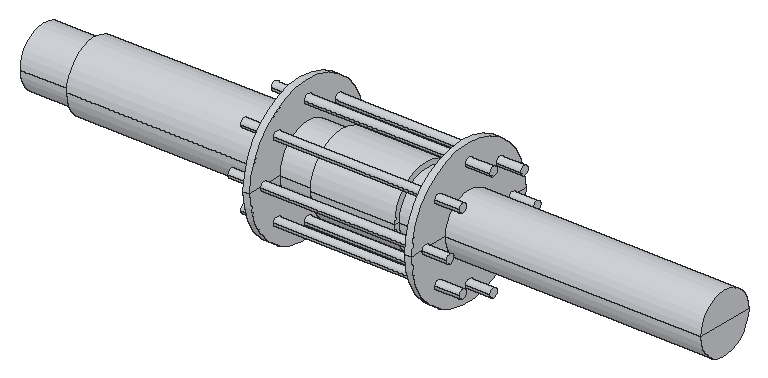
Revit family "5f714bfd294a4d0db87405150f891ec4", category Pipe Fittings, Revit 2021
Family settings
  Round Connector Dimension = Use Radius
  Part Type = Union
  OmniClass Number = 23.60.30.11.14.14
  OmniClass Title = Pipe Expansion Compensators
  Work Plane-Based = No
  Always vertical = Yes
  Cut with Voids When Loaded = No
  Shared = No
Parameters (values of type "Standard")
  Wall Thickness [instance] = 0.3000"
  Tick Size [instance] = Fitting Outside Diameter * 0.4  # 1.4000"
  Slip Pipe Withdrawal [instance] = (Project Max Operating Temperature - Project Installation Temperature) / (Project Max Operating Temperature - Project Min Operating Temperature) * Axial Movement  # 1.74366"
  Project Temperature Change [instance] = 150 °F
  Project Pipe Length [instance] = 600.0000"
  Packing Ring Thickness [instance] = size_lookup(Lookup Table Name Ring, "FThk", 0.02 * Nominal Diameter + 0.3500", Nominal Diameter)  # 0.4100"
  Packing Ring Radius [instance] = Packing Ring Diameter / 2  # 4.2400"
  Packing Ring Diameter [instance] = size_lookup(Lookup Table Name Ring, "FDia", 1.13 * Nominal Diameter + 5.0900", Nominal Diameter)  # 8.4800"
  Packing Chamber Length Label [instance] = if(Packing Chamber Length > Length 5 - (2 * Body Ring Thickness) - 0.5000", Length 5 - 2 * Body Ring Thickness - 0.5000", Packing Chamber Length)  # 5.0000"
  Packing Chamber Length = 5.0000"
  Nominal Radius [instance] = 1.5000"
  Nominal Diameter [instance] = Nominal Radius * 2  # 3.0000"
  Project Min Operating Temperature [instance] = -30 °F
  Project Max Operating Temperature [instance] = 120 °F
  Loss Method = Not Defined
  Lookup Table Name Ring = "Flange - Ring - Steel - Class 86"
  Lookup Table Name = "Expansion Joint Slip-Type Single End without Limit Rods - BV - Steel"
  Length 4 [instance] = Open Length / 2  # 20.2500"
  Length 3 [instance] = cos(45.00°) * Length 1  # 2.29103"
  Length 2 [instance] = 3.0000"
  Length 1 [instance] = Body Ring Radius - 1.0000"  # 3.2400"
  Length [instance] = if(Open, Open Length, Open Length - Slip Pipe Withdrawal)  # 40.5000"
  Project Installation Temperature [instance] = 10 °F
  Fitting Outside Radius [instance] = Fitting Outside Diameter / 2  # 1.7500"
  Fitting Outside Diameter [instance] = size_lookup(Lookup Table Name, "FOD", Nominal Diameter, Nominal Diameter)  # 3.5000"
  Open [instance] = yes
  Open Length [instance] = 40.5000"
  Default Elevation = 0.0000"
  Closed [instance] = not(Open)  # no
  Length 5 [instance] = 10.0000"
  Body Ring Thickness [instance] = size_lookup(Lookup Table Name Ring, "FThk", 0.02 * Nominal Diameter + 0.3500", Nominal Diameter)  # 0.4100"
  Body Ring Radius [instance] = Body Ring Diameter / 2  # 4.2400"
  Body Ring Diameter [instance] = size_lookup(Lookup Table Name Ring, "FDia", 1.13 * Nominal Diameter + 5.0900", Nominal Diameter)  # 8.4800"
  Axial Movement [instance] = 0.0000117 1/K * Project Pipe Length * (Project Temperature Change - -459.67 °F)  # 2.37771"
Reference planes (in)
  plane 1 "Center (Front/Back)": y = 0
  plane 2: z = 0
  plane 3 "Center (Left/Right)": x = 0
  plane 4: x = -20.25
  plane 5: x = 20.25
  plane 6: x = -17.25
  plane 7: x = -5
  plane 8: x = 5
  plane 9: y = 3.24
  plane 10: y = -3.24
  plane 11: y = 1.75
  plane 12: y = 2.05
  plane 13: y = 2.35
  plane 14: x = 4.59
  plane 15: x = -4.59
  plane 16: x = -2.5
  plane 17: x = 2.5
  plane 18 "body flange": y = 4.24
  plane 19: z = 3.24
  plane 20: z = -3.24
  plane 21: x = -6.5
  plane 22: x = 6.5
  plane 23: z = 2.29103
  plane 24: z = -2.29103
  plane 25: y = -2.29103
  plane 26: y = 2.29103
  plane 27: x = 17.25
  plane 28: x = 3.09
  plane 29: x = 18.75
  plane 30 "packing ring": y = 4.24
  plane 31 "limit ring": y = 4.24
Forms (in)
  Revolve 1, solid, detail levels fine
    sketch origin (0, 0, 0) x (1, 0, 0) y (0, 1, 0)
      loop
        line (-20.25, 0) -> (20.25, 0) -> (20.25, 1.75) -> (5, 1.75) -> (5, 4.24) -> (4.59, 4.24) -> (4.59, 2.05) -> (2.5, 2.05) -> (2.5, 2.35) -> (-2.5, 2.35) -> (-2.5, 2.05) -> (-4.59, 2.05) -> (-4.59, 4.24) -> (-5, 4.24) -> (-5, 2.05) -> (-17.25, 2.05) -> (-17.25, 1.75) -> (-20.25, 1.75) -> (-20.25, 0)
      axis (-20.25, 0) -> (20.25, 0)
    angle from 0 to 360
  Extrusion 2, solid, detail levels fine
    sketch origin (0, 0, 0) x (0, 1, 0) y (0, 0, 1)
      loop
        circle (-2.29103, 2.29103) r 0.25
      loop
        circle (-2.29103, -2.29103) r 0.25
      loop
        circle (2.29103, 2.29103) r 0.25
      loop
        circle (2.29103, -2.29103) r 0.25
      loop
        circle (0, -3.24) r 0.25
      loop
        circle (3.24, 0) r 0.25
      loop
        circle (-3.24, 0) r 0.25
      loop
        circle (0, 3.24) r 0.25
    from -6.5 to 6.5
Cuts and joins
  joined: Revolve 1, Extrusion 2
Lines and regions (in)
  model lines, detail levels coarse+medium
    curve 1: line (-20.25, 1.4, 0) -> (-20.25, -1.4, 0)
    curve 2: line (20.25, 1.4, 0) -> (20.25, -1.4, 0)
    curve 4: line (17.25, 0, 0) -> (20.25, 0, 0)
    curve 5: line (-20.25, 1.4, 0) -> (20.25, 1.4, 0)
    curve 6: line (20.25, -1.4, 0) -> (-20.25, -1.4, 0)
  model lines, style "PipeFitting", detail levels coarse+medium
    curve 3: line (-20.25, 0, 0) -> (-17.25, 0, 0)
Dimensions and locks (in)
  "Length": plane 4 to plane 5
  "Length 2": plane 4 to plane 6
  equal spacing: plane 7, plane 3 "Center (Left/Right)", plane 8
  "Length 5": plane 7 to plane 8
  "Length 1": plane 10 to plane 1 "Center (Front/Back)"
  "Length 1": plane 9 to plane 1 "Center (Front/Back)"
  "Fitting Outside Radius": plane 11 to plane 1 "Center (Front/Back)"
  "Wall Thickness": plane 12 to plane 11
  "Wall Thickness": plane 13 to plane 12
  "Body Ring Thickness": plane 7 to plane 15
  "Packing Ring Thickness": plane 14 to plane 8
  equal spacing: plane 16, plane 3 "Center (Left/Right)", plane 17
  "Packing Chamber Length Label": plane 16 to plane 17
  "Length 1": plane 2 to plane 20
  "Length 1": plane 19 to plane 2
  "Body Ring Radius": plane 18 "body flange" to plane 1 "Center (Front/Back)"
  locked: plane 21 to plane 7 at 1.5
  locked: plane 8 to plane 22 at 1.5
  "Length 4": plane 4 to plane 3 "Center (Left/Right)"
  "Tick Size": plane 1 "Center (Front/Back)" to curve 1
  "Tick Size": curve 1 to plane 1 "Center (Front/Back)"
  "Tick Size": plane 1 "Center (Front/Back)" to curve 2
  "Tick Size": curve 2 to plane 1 "Center (Front/Back)"
  "Length 3": plane 23 to plane 2
  "Length 3": plane 24 to plane 2
  "Length 3": plane 1 "Center (Front/Back)" to plane 26
  "Length 3": plane 25 to plane 1 "Center (Front/Back)"
  "Length 2": plane 27 to plane 5
  locked: plane 28 to plane 14 at 1.5
  "Packing Ring Radius": plane 30 "packing ring" to plane 1 "Center (Front/Back)"
  plane 31 "limit ring" to plane 1 "Center (Front/Back)" = 4.2400"
  radius of Extrusion 2 sketch curve = 0.2500"
  aligned and locked: plane 2 to level
  aligned and locked: plane 1 "Center (Front/Back)" to Revolve 1 sketch curve
  aligned and locked: plane 4 to Revolve 1 sketch curve
  aligned and locked: Revolve 1 sketch curve to plane 11  (x2)
  aligned and locked: plane 6 to Revolve 1 sketch curve
  aligned and locked: Revolve 1 sketch curve to plane 12  (x3)
  aligned and locked: plane 7 to Revolve 1 sketch curve
  aligned and locked: Revolve 1 sketch curve to plane 18 "body flange"
  aligned and locked: Revolve 1 sketch curve to plane 15
  aligned and locked: plane 16 to Revolve 1 sketch curve
  aligned and locked: Revolve 1 sketch curve to plane 13
  aligned and locked: plane 17 to Revolve 1 sketch curve
  aligned and locked: Revolve 1 sketch curve to plane 14
  aligned and locked: plane 8 to Revolve 1 sketch curve
  aligned and locked: plane 5 to Revolve 1 sketch curve
  aligned and locked: Revolve 1 sketch curve to Revolve 1 sketch curve
  aligned and locked: plane 5 to curve 2
  aligned and locked: curve 1 to plane 4
  aligned and locked: plane 4 to curve 3
  aligned and locked: plane 5 to curve 4
  aligned and locked: plane 1 "Center (Front/Back)" to curve 3
  aligned and locked: plane 25 to Extrusion 2 sketch curve  (x2)
  aligned and locked: plane 23 to Extrusion 2 sketch curve  (x2)
  aligned and locked: plane 24 to Extrusion 2 sketch curve  (x2)
  aligned and locked: plane 26 to Extrusion 2 sketch curve  (x2)
  aligned and locked: Revolve 1 sketch curve to plane 30 "packing ring"
  aligned and locked: plane 6 to curve 3
  aligned and locked: plane 27 to curve 4
  aligned and locked: Extrusion 2 to plane 22
  aligned and locked: Extrusion 2 to plane 21
Automatic sketch dimensions
  Revolve 1 sketch curve to plane 4 = 7.7500"
  Revolve 1 sketch curve to plane 5 = 24.0000"
  Extrusion 2 sketch curve to level = 0.0000"  (x2)
  Extrusion 2 sketch curve to plane 10 = 0.0000"
  Extrusion 2 sketch curve to plane 1 "Center (Front/Back)" = 0.0000"  (x2)
  Extrusion 2 sketch curve to plane 9 = 0.0000"
  Extrusion 2 sketch curve to plane 20 = 0.0000"
  Extrusion 2 sketch curve to plane 19 = 0.0000"
  plane 1 "Center (Front/Back)" to curve 4 = 0.0000"
  radius of Extrusion 2 sketch curve = 0.2500"  (x7)
Connectors (in)
  piping at (-20.25, 0, 0), diameter 3, driven by "Nominal Radius"
    settings: on Revolve 1, index 1, connector inside diameter 3.0000", connector length 0.0000", flow factor 0, pipe flow 0 GPM, pressure drop 0.00 psi, fitting loss kfactor 0, connector angle 0.00°, fixture units 0, engagement length 0.0000", angle of deflection 0.00°, flow configuration 0, flow direction 0, fitting loss method 0, system type 28, joint type 0, gender type 0, connector reference index 2, connector utility 0, adjustable connector no, is connector primary yes, connector description ""
  piping at (20.25, 0, 0), diameter 3, driven by "Nominal Radius"
    settings: on Revolve 1, index 2, connector inside diameter 3.0000", connector length 0.0000", flow factor 0, pipe flow 0 GPM, pressure drop 0.00 psi, fitting loss kfactor 0, connector angle 0.00°, fixture units 0, engagement length 0.0000", angle of deflection 0.00°, flow configuration 0, flow direction 0, fitting loss method 0, system type 28, joint type 0, gender type 0, connector reference index 1, connector utility 0, adjustable connector no, is connector primary no, connector description ""
